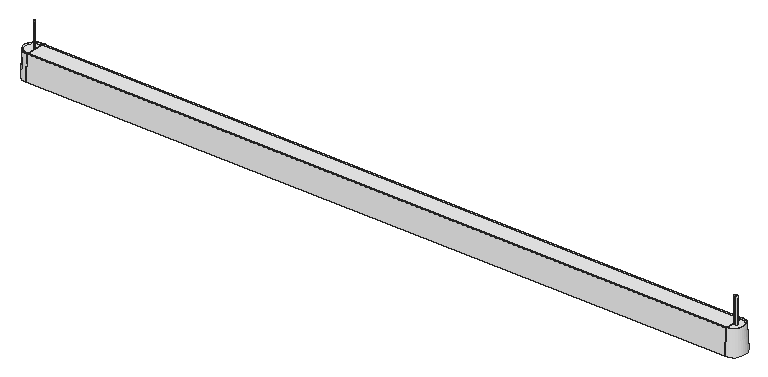
Revit family "Lighting_Pendants_Focus-Lighting_Pelee-Line_2900", category Lighting Fixtures, host Ceiling, Revit 2017
Family settings
  Host = Ceiling
  Round Connector Dimension = Use Diameter
  Part Type = Normal
  OmniClass Number = 23.80.70.11
  OmniClass Title = Luminaries for Internal Lighting
  Always vertical = Yes
  Cut with Voids When Loaded = No
  Light Source = Yes
  Shared = No
  Room Calculation Point = No
Parameters (values of type "Pelee line 2900mm 10000lm, 100% downwards")
  Weight = "Ca 11kg."
  Wattage = 67.321 W
  WarrantyStartDate [instance] = "n/a"
  WarrantyGuarantorParts = "n/a"
  WarrantyGuarantorLabor = "n/a"
  WarrantyDurationUnit = "Years"
  WarrantyDurationParts = "n/a"
  WarrantyDurationLabor = "n/a"
  WarrantyDescription = "n/a"
  built-in parameter 1150110 = 1 (stored number, unit not read)
  VersionDate = "19/06/2019"  # constant formula
  Version = "1"  # constant formula
  UsageCurrent = 0 A
  Uniclass2015Reference = "Pr_70_70_48_86"
  Uniclass2015Description = "Suspended luminaires"
  Uniclass2 = "Pr_70_70_49_86"
  URL = "https://www.focus-lighting.dk/products/pel%C3%A9e-line/pel%C3%A9e-2900/"
  TotalWattage = 140 W  # constant formula
  built-in parameter 1114217 = 1 (stored number, unit not read)
  Tilt Angle = 90.00°
  built-in parameter 1150109 = 1 (stored number, unit not read)
  built-in parameter 1150134 = (empty or 0)
  TagNumber [instance] = "n/a"
  SustainabilityPerformance = "n/a"
  built-in parameter 1150113 = 1 (stored number, unit not read)
  Size = "2900x92x100 mm"
  Shape = "Sculptured"
  SerialNumber [instance] = "n/a"
  Revision = "n/a"
  ReplacementCost = "n/a"
  ProductInformation = "The inner conical circles of the Pelée luminaires contribute to a comfortable, non-glaring spread of light."
  ProductDatasheet = "https://www.focus-lighting.dk/media/244065/pelee_line_eng.pdf"
  Photometric Web File = "Pelée Line 2900 930 15000lm 35-65 Prismatisk.IES"
  PhaseReference = "n/a"
  PhaseAngle = 0.00°
  NumberOfSources = 0
  NumberOfPoles = 1
  built-in parameter 1150142 = "IESNA:LM-63-2002\r\n[TEST] VFR-181116-0241-MS\r\n[TESTLAB] Focus Lighting/PhotoFiler/2013.12.0.2/EULumdat 1\r\n[TESTDATE] 29 Jan 2019\r\n[ISSUEDATE] 29 Jan 2019\r\n[MANUFAC] Focus Lighting/PhotoFiler/2013.12.0.2/EULumdat 1\r\n[LUMCAT] Pelée Line 2900 930 15000lm 35-65 Prismatisk\r\n[LUMINAIRE] Pelée Line 2900 930 15000lm 35-65 Prismatisk\r\n[FLASHAREA] 0.048771\r\n[LAMPCAT] LED\r\n[LAMP] LED\r\nTILT=NONE\r\n1 15000.00 1.0 181 10 1 2 0.070 2.880 0.000\r\n1.00 1.00 128.00\r\n0.00 1.00 2.00 3.00 4.00 5.00 6.00 7.00 8.00 9.00 10.00 \r\n11.00 12.00 13.00 14.00 15.00 16.00 17.00 18.00 19.00 \r\n20.00 21.00 22.00 23.00 24.00 25.00 26.00 27.00 28.00 \r\n29.00 30.00 31.00 32.00 33.00 34.00 35.00 36.00 37.00 \r\n38.00 39.00 40.00 41.00 42.00 43.00 44.00 45.00 46.00 \r\n47.00 48.00 49.00 50.00 51.00 52.00 53.00 54.00 55.00 \r\n56.00 57.00 58.00 59.00 60.00 61.00 62.00 63.00 64.00 \r\n65.00 66.00 67.00 68.00 69.00 70.00 71.00 72.00 73.00 \r\n74.00 75.00 76.00 77.00 78.00 79.00 80.00 81.00 82.00 \r\n83.00 84.00 85.00 86.00 87.00 88.00 89.00 90.00 91.00 \r\n92.00 93.00 94.00 95.00 96.00 97.00 98.00 99.00 100.00 \r\n101.00 102.00 103.00 104.00 105.00 106.00 107.00 108.00 \r\n109.00 110.00 111.00 112.00 113.00 114.00 115.00 116.00 \r\n117.00 118.00 119.00 120.00 121.00 122.00 123.00 124.00 \r\n125.00 126.00 127.00 128.00 129.00 130.00 131.00 132.00 \r\n133.00 134.00 135.00 136.00 137.00 138.00 139.00 140.00 \r\n141.00 142.00 143.00 144.00 145.00 146.00 147.00 148.00 \r\n149.00 150.00 151.00 152.00 153.00 154.00 155.00 156.00 \r\n157.00 158.00 159.00 160.00 161.00 162.00 163.00 164.00 \r\n165.00 166.00 167.00 168.00 169.00 170.00 171.00 172.00 \r\n173.00 174.00 175.00 176.00 177.00 178.00 179.00 180.00 \r\n0.00 10.00 20.00 30.00 40.00 50.00 60.00 70.00 80.00 \r\n90.00 \r\n3613.05 3612.75 3612.75 3608.85 3601.80 3594.75 3587.70 \r\n3580.65 3569.40 3555.90 3542.40 3528.90 3515.40 3494.85 \r\n3472.50 3450.00 3427.65 3405.30 3375.15 3344.55 3313.80 \r\n3283.05 3252.15 3212.70 3173.25 3133.80 3094.35 3053.85 \r\n3007.35 2961.00 2914.50 2868.00 2818.95 2762.55 2706.15 \r\n2649.90 2593.50 2530.50 2456.85 2383.35 2309.85 2236.20 \r\n2146.20 2040.30 1934.40 1828.50 1722.60 1623.30 1527.75 \r\n1432.35 1336.92 1241.47 1172.95 1113.78 1054.62 995.44 \r\n936.27 887.53 840.44 793.35 746.25 699.15 665.07 631.29 \r\n597.51 563.75 531.03 508.00 484.98 461.95 438.95 416.69 \r\n397.17 377.65 358.14 338.63 318.51 297.18 275.86 254.55 \r\n233.23 210.16 185.03 159.89 134.75 109.61 85.54 62.26 \r\n41.74 38.52 35.29 32.07 28.84 28.64 42.19 55.74 69.28 \r\n82.83 97.82 118.54 139.25 159.97 180.69 201.84 224.53 \r\n247.22 269.91 292.59 315.38 338.49 361.61 384.74 407.85 \r\n431.30 455.73 480.17 504.59 529.02 553.27 577.08 600.88 \r\n624.70 648.51 672.33 696.15 719.99 743.82 767.64 790.86 \r\n812.73 834.60 856.47 878.34 900.28 922.37 944.45 966.53 \r\n988.62 1009.97 1029.93 1049.88 1069.84 1089.80 1110.07 \r\n1130.88 1151.68 1172.49 1193.31 1213.56 1232.92 1252.29 \r\n1271.64 1291.00 1308.28 1322.46 1336.63 1350.80 1364.97 \r\n1377.96 1389.33 1400.69 1412.06 1423.41 1434.45 1445.04 \r\n1455.63 1466.23 1476.83 1486.69 1495.68 1504.65 1513.65 \r\n1522.65 1528.05 1529.10 1530.30 1531.50 1532.70 1533.30 \r\n1533.30 1538.25 \r\n3613.05 3612.90 3612.90 3608.85 3601.80 3594.60 3587.55 \r\n3580.50 3568.65 3554.55 3540.30 3526.20 3512.10 3491.55 \r\n3469.50 3447.30 3425.25 3403.20 3372.45 3340.80 3309.30 \r\n3277.65 3245.85 3206.40 3166.95 3127.50 3088.05 3047.40 \r\n3000.90 2954.40 2907.75 2861.25 2812.35 2756.85 2701.35 \r\n2645.85 2590.50 2527.80 2453.55 2379.30 2305.05 2230.95 \r\n2140.95 2035.80 1930.65 1825.65 1720.50 1622.10 1527.90 \r\n1433.57 1339.31 1245.03 1174.92 1113.18 1051.45 989.73 \r\n927.99 879.12 832.27 785.43 738.57 691.73 659.41 627.36 \r\n595.32 563.28 532.42 512.44 492.47 472.48 452.50 432.24 \r\n410.95 389.67 368.40 347.11 325.04 301.33 277.63 253.93 \r\n230.24 204.26 175.52 146.79 118.05 89.32 73.05 65.92 \r\n58.80 51.68 44.56 37.44 30.31 27.11 41.67 56.24 70.81 \r\n85.38 101.00 120.78 140.56 160.34 180.12 200.63 223.62 \r\n246.63 269.63 292.63 315.57 338.35 361.13 383.91 406.68 \r\n429.81 453.90 477.99 502.09 526.19 550.14 573.72 597.30 \r\n620.88 644.46 667.89 691.00 714.13 737.25 760.37 783.30 \r\n805.89 828.47 851.04 873.62 896.08 918.36 940.63 962.91 \r\n985.19 1006.81 1027.25 1047.69 1068.12 1088.57 1108.69 \r\n1128.33 1147.95 1167.59 1187.21 1206.76 1226.22 1245.67 \r\n1265.13 1284.59 1302.40 1317.75 1333.10 1348.44 1363.78 \r\n1377.81 1390.02 1402.23 1414.42 1426.63 1437.69 1447.28 \r\n1456.86 1466.43 1476.01 1484.78 1492.52 1500.30 1507.95 \r\n1515.75 1521.45 1524.60 1527.90 1531.20 1534.50 1536.15 \r\n1536.15 1538.25 \r\n3613.05 3613.95 3613.95 3610.20 3603.30 3596.40 3589.50 \r\n3582.60 3570.30 3555.45 3540.60 3525.75 3510.90 3489.75 \r\n3467.10 3444.45 3421.80 3399.15 3367.80 3335.70 3303.60 \r\n3271.50 3239.25 3199.35 3159.60 3119.85 3080.10 3039.00 \r\n2990.85 2942.70 2894.70 2846.55 2796.15 2739.60 2683.20 \r\n2626.65 2570.25 2507.85 2436.15 2364.45 2292.60 2220.90 \r\n2133.30 2030.40 1927.50 1824.60 1721.55 1622.70 1526.10 \r\n1429.59 1333.05 1236.51 1165.25 1102.56 1039.86 977.16 \r\n914.48 868.11 824.41 780.72 737.02 693.31 660.39 627.72 \r\n595.05 562.38 530.49 505.69 480.90 456.09 431.30 406.65 \r\n382.57 358.49 334.39 310.31 285.30 258.48 231.68 204.85 \r\n178.03 151.95 126.72 101.49 76.26 51.04 38.21 34.84 31.46 \r\n28.09 24.71 21.34 20.14 31.07 45.47 59.86 74.25 88.65 \r\n104.03 123.33 142.62 161.93 181.22 201.24 223.84 246.47 \r\n269.07 291.69 314.46 337.78 361.11 384.44 407.75 431.00 \r\n454.00 477.01 500.03 523.03 546.23 569.85 593.47 617.10 \r\n640.73 664.19 687.29 710.37 733.47 756.57 779.52 802.18 \r\n824.83 847.50 870.15 892.58 914.50 936.44 958.37 980.29 \r\n1001.75 1022.28 1042.82 1063.37 1083.90 1104.15 1123.92 \r\n1143.69 1163.44 1183.21 1202.46 1220.91 1239.35 1257.79 \r\n1276.24 1293.72 1309.77 1325.82 1341.88 1357.93 1372.41 \r\n1384.65 1396.88 1409.12 1421.36 1432.53 1442.33 1452.11 \r\n1461.90 1471.69 1480.89 1489.39 1497.88 1506.45 1514.85 \r\n1521.00 1524.45 1527.90 1531.50 1534.95 1536.75 1536.75 \r\n1538.25 \r\n3613.05 3612.30 3612.30 3608.40 3601.35 3594.30 3587.25 \r\n3580.20 3567.45 3552.15 3536.85 3521.55 3506.25 3484.20 \r\n3460.35 3436.50 3412.80 3388.95 3357.30 3324.90 3292.50 \r\n3260.10 3227.40 3186.30 3145.20 3104.10 3063.00 3020.70 \r\n2972.25 2923.80 2875.20 2826.75 2775.90 2718.90 2661.75 \r\n2604.75 2547.75 2485.20 2414.25 2343.30 2272.50 2201.55 \r\n2115.60 2014.95 1914.45 1813.80 1713.30 1615.80 1520.25 \r\n1424.65 1329.09 1233.53 1161.90 1098.57 1035.22 971.90 \r\n908.56 861.66 817.33 773.01 728.69 684.36 649.45 614.73 \r\n580.00 545.28 511.19 482.98 454.78 426.58 398.38 370.71 \r\n344.91 319.11 293.32 267.53 241.08 213.33 185.59 157.84 \r\n130.10 106.94 89.25 71.57 53.89 36.21 28.16 27.19 26.21 \r\n25.24 24.26 23.29 22.31 24.29 39.27 54.25 69.23 84.21 \r\n100.03 119.18 138.34 157.49 176.64 196.40 218.30 240.20 \r\n262.08 283.98 306.30 329.94 353.60 377.25 400.89 424.29 \r\n446.99 469.69 492.39 515.09 538.11 562.05 585.97 609.90 \r\n633.84 657.40 680.12 702.81 725.52 748.23 770.89 793.49 \r\n816.06 838.65 861.23 883.58 905.43 927.30 949.17 971.02 \r\n992.64 1013.77 1034.93 1056.08 1077.21 1097.85 1117.61 \r\n1137.34 1157.10 1176.86 1195.74 1213.24 1230.75 1248.25 \r\n1265.76 1283.07 1300.11 1317.15 1334.19 1351.23 1366.66 \r\n1379.88 1393.10 1406.31 1419.53 1431.36 1441.41 1451.46 \r\n1461.51 1471.56 1480.73 1488.81 1496.89 1504.95 1513.05 \r\n1519.20 1523.40 1527.45 1531.50 1535.55 1537.65 1537.65 \r\n1538.25 \r\n3613.05 3613.20 3613.20 3609.15 3601.95 3594.60 3587.40 \r\n3580.05 3567.00 3551.10 3535.35 3519.45 3503.55 3480.60 \r\n3455.70 3430.80 3406.05 3381.15 3348.30 3314.70 3281.10 \r\n3247.50 3213.75 3171.15 3128.70 3086.25 3043.80 3000.15 \r\n2950.50 2900.85 2851.20 2801.55 2749.95 2693.40 2636.70 \r\n2580.00 2523.30 2461.50 2391.15 2320.80 2250.60 2180.25 \r\n2094.75 1994.40 1894.05 1793.55 1693.20 1596.90 1502.85 \r\n1408.77 1314.71 1220.65 1147.10 1080.64 1014.19 947.73 \r\n881.28 830.64 782.58 734.52 686.46 638.41 603.45 568.81 \r\n534.16 499.52 465.54 437.64 409.74 381.84 353.94 326.37 \r\n299.97 273.55 247.14 220.74 194.99 170.53 146.08 121.62 \r\n97.17 78.45 66.59 54.72 42.86 31.00 24.97 23.38 21.79 \r\n20.20 18.61 17.01 16.55 27.02 40.72 54.42 68.12 81.82 \r\n96.59 115.55 134.51 153.47 172.44 191.96 213.47 234.96 \r\n256.46 277.95 299.69 322.17 344.64 367.13 389.61 412.55 \r\n436.75 460.98 485.19 509.41 533.19 555.81 578.45 601.06 \r\n623.69 646.40 669.33 692.25 715.19 738.12 760.90 783.42 \r\n805.92 828.42 850.92 873.30 895.41 917.50 939.62 961.72 \r\n983.46 1004.50 1025.55 1046.60 1067.64 1088.34 1108.49 \r\n1128.63 1148.77 1168.92 1188.42 1206.90 1225.37 1243.83 \r\n1262.30 1279.83 1295.97 1312.10 1328.24 1344.36 1359.54 \r\n1373.43 1387.30 1401.18 1415.06 1427.48 1437.99 1448.49 \r\n1459.00 1469.50 1479.13 1487.68 1496.25 1504.80 1513.35 \r\n1519.95 1524.60 1529.10 1533.60 1538.25 1540.50 1540.50 \r\n1538.25 \r\n3613.05 3613.65 3613.65 3609.00 3600.75 3592.50 3584.25 \r\n3576.00 3562.20 3545.70 3529.20 3512.85 3496.35 3472.80 \r\n3447.30 3421.80 3396.30 3370.80 3336.15 3300.75 3265.35 \r\n3229.95 3194.40 3151.50 3108.75 3066.00 3023.25 2979.30 \r\n2928.60 2878.05 2827.35 2776.80 2724.45 2667.45 2610.45 \r\n2553.60 2496.60 2434.05 2362.80 2291.70 2220.45 2149.20 \r\n2061.45 1957.65 1854.00 1750.20 1646.40 1549.50 1456.83 \r\n1364.14 1271.46 1178.77 1107.75 1044.24 980.73 917.22 \r\n853.69 802.39 753.01 703.62 654.24 604.86 568.56 532.44 \r\n496.33 460.22 425.00 397.81 370.63 343.47 316.29 289.45 \r\n263.87 238.28 212.70 187.11 162.81 141.08 119.34 97.61 \r\n75.87 60.36 52.31 44.27 36.22 28.17 24.28 23.45 22.62 \r\n21.79 20.95 20.12 19.29 21.15 34.90 48.65 62.40 76.15 \r\n90.90 109.62 128.35 147.07 165.80 185.07 206.24 227.41 \r\n248.59 269.76 291.24 313.65 336.06 358.49 380.89 403.35 \r\n425.91 448.47 471.03 493.58 516.71 541.32 565.95 590.58 \r\n615.19 639.07 661.20 683.31 705.42 727.53 749.72 772.06 \r\n794.41 816.76 839.12 861.46 883.83 906.18 928.54 950.89 \r\n973.01 994.65 1016.29 1037.94 1059.59 1080.69 1100.89 \r\n1121.09 1141.27 1161.48 1181.00 1199.40 1217.82 1236.24 \r\n1254.66 1272.39 1289.08 1305.78 1322.48 1339.17 1354.79 \r\n1368.91 1383.05 1397.17 1411.31 1424.20 1435.56 1446.90 \r\n1458.24 1469.58 1479.45 1487.53 1495.62 1503.75 1511.85 \r\n1518.15 1522.80 1527.30 1531.80 1536.45 1538.70 1538.70 \r\n1538.25 \r\n3613.05 3611.85 3611.85 3607.05 3598.35 3589.80 3581.10 \r\n3572.55 3558.30 3541.35 3524.40 3507.45 3490.65 3465.45 \r\n3438.30 3411.15 3383.85 3356.70 3321.75 3286.05 3250.35 \r\n3214.80 3178.80 3134.55 3090.15 3045.90 3001.65 2956.35 \r\n2905.65 2854.80 2803.95 2753.10 2700.45 2642.55 2584.80 \r\n2526.90 2469.00 2404.95 2331.30 2257.50 2183.70 2110.05 \r\n2019.75 1913.25 1806.90 1700.55 1594.05 1497.76 1407.33 \r\n1316.89 1226.47 1136.04 1067.76 1007.01 946.25 885.48 \r\n824.73 774.94 726.96 678.99 631.00 583.02 546.10 509.44 \r\n472.80 436.14 400.31 371.89 343.49 315.06 286.65 259.20 \r\n235.19 211.16 187.13 163.11 141.08 122.98 104.88 86.79 \r\n68.69 55.44 48.12 40.80 33.48 26.16 22.26 20.96 19.66 \r\n18.36 17.06 15.76 16.05 22.69 35.61 48.53 61.45 74.38 \r\n88.36 106.58 124.79 143.00 161.20 179.95 200.63 221.30 \r\n241.98 262.65 283.63 305.60 327.56 349.51 371.49 393.63 \r\n416.28 438.93 461.58 484.25 507.04 530.26 553.47 576.67 \r\n599.89 623.22 646.84 670.47 694.10 717.72 740.76 762.54 \r\n784.30 806.07 827.85 849.88 872.49 895.08 917.69 940.28 \r\n962.58 984.30 1006.04 1027.77 1049.50 1070.76 1091.20 \r\n1111.65 1132.11 1152.56 1172.49 1191.63 1210.77 1229.91 \r\n1249.05 1267.21 1283.91 1300.61 1317.30 1334.00 1349.64 \r\n1363.80 1377.94 1392.11 1406.27 1419.31 1430.97 1442.61 \r\n1454.25 1465.90 1475.94 1484.04 1492.14 1500.30 1508.40 \r\n1515.30 1520.85 1526.40 1531.95 1537.50 1540.35 1540.35 \r\n1538.25 \r\n3613.05 3612.75 3612.75 3607.65 3598.50 3589.35 3580.20 \r\n3570.90 3555.90 3538.20 3520.35 3502.65 3484.80 3459.45 \r\n3432.00 3404.70 3377.40 3349.95 3313.65 3276.30 3239.10 \r\n3201.75 3164.25 3119.10 3074.10 3029.10 2984.10 2938.05 \r\n2887.20 2836.35 2785.50 2734.50 2681.40 2622.60 2563.65 \r\n2504.70 2445.75 2379.60 2302.50 2225.25 2148.15 2070.90 \r\n1980.00 1875.30 1770.60 1666.05 1561.35 1466.25 1376.97 \r\n1287.67 1198.39 1109.10 1039.22 976.06 912.91 849.77 \r\n786.62 736.68 688.83 640.98 593.13 545.28 510.64 476.19 \r\n441.74 407.28 373.59 346.83 320.07 293.32 266.56 240.45 \r\n216.72 193.01 169.28 145.56 124.46 108.61 92.76 76.92 \r\n61.07 49.72 43.77 37.82 31.87 25.92 22.85 21.90 20.95 \r\n19.99 19.04 18.09 17.14 18.73 31.19 43.65 56.11 68.57 \r\n82.16 100.24 118.32 136.40 154.48 173.10 193.68 214.26 \r\n234.84 255.42 276.27 297.97 319.68 341.38 363.09 385.09 \r\n407.94 430.79 453.63 476.48 499.38 522.39 545.38 568.39 \r\n591.40 614.64 638.37 662.12 685.86 709.61 732.76 754.63 \r\n776.52 798.39 820.26 842.38 865.05 887.70 910.37 933.01 \r\n955.30 976.89 998.46 1020.04 1041.63 1062.93 1083.77 \r\n1104.59 1125.42 1146.26 1166.41 1185.52 1204.63 1223.74 \r\n1242.87 1261.29 1278.66 1296.05 1313.42 1330.80 1347.08 \r\n1361.76 1376.45 1391.14 1405.83 1419.19 1430.82 1442.46 \r\n1454.08 1465.73 1475.63 1483.49 1491.33 1499.17 1507.05 \r\n1513.80 1519.50 1525.05 1530.75 1536.45 1539.30 1539.30 \r\n1538.25 \r\n3613.05 3613.65 3613.65 3608.70 3599.85 3591.00 3582.15 \r\n3573.30 3557.85 3539.10 3520.50 3501.75 3483.15 3457.20 \r\n3429.30 3401.40 3373.50 3345.60 3309.00 3271.80 3234.45 \r\n3197.25 3159.60 3114.15 3068.70 3023.25 2977.95 2931.45 \r\n2879.10 2826.75 2774.55 2722.20 2667.75 2607.60 2547.45 \r\n2487.30 2427.30 2360.25 2282.40 2204.55 2126.70 2049.00 \r\n1958.85 1856.85 1755.00 1653.00 1551.15 1454.52 1361.13 \r\n1267.74 1174.35 1080.96 1010.31 947.56 884.82 822.08 \r\n759.33 710.73 664.45 618.16 571.89 525.62 491.61 457.89 \r\n424.19 390.46 357.53 331.65 305.76 279.88 254.00 228.76 \r\n205.89 183.02 160.13 137.25 117.23 102.73 88.23 73.73 \r\n59.23 48.62 42.69 36.76 30.83 24.90 20.66 17.71 14.76 \r\n11.81 8.86 7.64 13.02 23.92 34.82 45.72 56.63 67.53 79.84 \r\n97.75 115.66 133.56 151.47 169.95 190.47 210.99 231.51 \r\n252.01 272.79 294.33 315.88 337.44 358.98 380.85 403.68 \r\n426.51 449.34 472.16 495.06 518.14 541.23 564.33 587.41 \r\n610.39 633.09 655.80 678.51 701.21 724.13 747.52 770.91 \r\n794.30 817.69 840.63 862.62 884.61 906.62 928.60 950.58 \r\n972.52 994.45 1016.40 1038.35 1059.98 1081.07 1102.14 \r\n1123.23 1144.31 1164.71 1184.00 1203.27 1222.56 1241.85 \r\n1260.27 1277.43 1294.58 1311.72 1328.87 1345.02 1359.78 \r\n1374.54 1389.30 1404.06 1417.57 1429.53 1441.47 1453.41 \r\n1465.35 1475.43 1483.29 1491.16 1499.03 1506.90 1513.65 \r\n1519.05 1524.45 1529.85 1535.25 1538.10 1538.10 1538.25 \r\n3613.05 3613.35 3613.35 3608.10 3598.65 3589.35 3580.05 \r\n3570.75 3555.60 3537.90 3520.05 3502.35 3484.50 3458.40 \r\n3430.05 3401.70 3373.35 3345.15 3308.25 3270.60 3232.95 \r\n3195.30 3157.35 3111.75 3066.15 3020.55 2974.95 2928.30 \r\n2875.65 2823.00 2770.20 2717.55 2662.65 2601.75 2540.85 \r\n2479.95 2419.05 2351.40 2273.40 2195.55 2117.55 2039.70 \r\n1949.55 1847.70 1745.85 1643.85 1542.00 1445.04 1351.14 \r\n1257.22 1163.33 1069.42 998.68 935.99 873.28 810.59 \r\n747.88 700.85 656.26 611.69 567.12 522.54 489.30 456.21 \r\n423.13 390.05 357.67 331.74 305.81 279.88 253.95 228.59 \r\n205.30 182.03 158.73 135.45 115.13 100.71 86.30 71.89 \r\n57.48 47.16 41.75 36.34 30.93 25.52 21.59 18.75 15.92 \r\n13.08 10.25 8.88 11.58 15.97 28.02 40.08 52.13 64.19 \r\n77.38 95.08 112.79 130.49 148.20 166.50 186.87 207.25 \r\n227.63 248.00 268.75 290.67 312.58 334.50 356.41 378.60 \r\n401.50 424.43 447.35 470.26 493.18 516.15 539.10 562.05 \r\n585.01 607.90 630.68 653.43 676.20 698.96 721.83 744.93 \r\n768.03 791.14 814.25 836.91 858.69 880.47 902.24 924.01 \r\n946.14 968.90 991.65 1014.42 1037.17 1059.16 1079.84 \r\n1100.52 1121.19 1141.86 1161.98 1181.18 1200.39 1219.59 \r\n1238.79 1257.66 1276.02 1294.38 1312.74 1331.09 1347.81 \r\n1362.32 1376.81 1391.30 1405.78 1419.09 1430.84 1442.58 \r\n1454.31 1466.05 1476.13 1484.23 1492.34 1500.45 1508.55 \r\n1515.45 1521.00 1526.55 1532.10 1537.65 1540.50 1540.50 \r\n1538.25 \r\n"
  NominalWidth = 2900 mm
  NominalVoltageCalc = 230 V
  NominalVoltage = 230 V
  NominalHeight = 100 mm
  NominalFrequencyRange = 50 Hz
  NominalDepth = 92 mm
  NominalCurrent = 0 A
  Name = "Pelee-Line_2900"
  NBSReference = "90-60-50/405"
  NBSDescription = "General purpose luminaires"
  ModelReference = ArticleNumber  # "5823-"
  ModelNumber = "n/a"
  Model = "Pelee line 2900mm 10000lm, 100% downwards"
  Material = "Cast aluminium & acrylate"
  ManufacturersSpecificInformation = "n/a"
  ManufacturerURL = "http://www.focus-lighting.dk/home/"
  ManufacturerName = "Focus lighting"
  Manufacturer = "Focus lighting"
  MaintenanceFactor = 0
  Lumens = 10000 lm
  built-in parameter 1150115 = 1 (stored number, unit not read)
  built-in parameter 1150105 = 2467.8 (stored number, unit not read)
  LightingProtectionClassification = "Class I"
  LightFixtureTertiaryMaterial = Steel
  LightFixtureSecondaryMaterial = Cable white
  LightFixturePlacingType = "Ceiling"
  LightFixtureMountingType = "Pendant installation"
  LightFixtureMainMaterial [instance] = Die cast aluminum white
  built-in parameter 1150137 = (empty or 0)
  built-in parameter 1150139 = (empty or 0)
  LensMaterial = Microprismatic acrylate
  built-in parameter 1150112 = 1 (stored number, unit not read)
  built-in parameter 1150114 = 1 (stored number, unit not read)
  LED lifetime = "Min 50.000 timer, L80B10"
  InsulationStandardClass = "n/a"
  InstallationDate [instance] = "n/a"
  built-in parameter 1150132 = 2
  built-in parameter 1150102 = (empty or 0)
  built-in parameter 1150138 = (empty or 0)
  built-in parameter 1150107 = 2700 (stored number, unit not read)
  built-in parameter 1150106 = 24.678 (stored number, unit not read)
  IfcExportType = "NOTDEFINED"  # constant formula
  IfcExportAs = "IfcLightFixtureType"  # constant formula
  IP_Code = "IP 20"
  HasProtectiveEarth = yes
  Grade = "n/a"
  Finish = "Body: cast aluminium powder coated white RAL 9010, silver grey MW300D, black Noir 900, corten brown YX355F; Downward shade: microprismatic acrylate; Upward shade: opalised acrylate."
  Features = "Lead 3m white PKLJ; Suspension 2x2 m steel wire, 1.2mm; Colour temperature 2700, 3000, or 4000 Kelvin."
  ExpectedLife = "50.000"
  Emit from Rectangle Width = 50 mm
  Emit from Rectangle Length = NominalWidth - 80 mm  # 2820 mm
  Emit Shape Visible in Rendering = no
  ElectricalDeviceNominalPower = 0
  built-in parameter 1150104 = 13.8 (stored number, unit not read)
  DurationUnit = "Hours"
  Driver = "Dali control"
  Dimming Lamp Color Temperature Shift = <None>
  Description = "The inner conical circles of the Pelée luminaires contribute to a comfortable, non-glaring spread of light. The family comprises luminaires to be recessed, surface-mounted, or suspended. Pelée Line is available in various lengths up to six metres. The light is directed down and upwards - see the distribution in the specification below."
  DefaultElevation = 0 mm
  ConvergoRefNr = "0154-1901-0003-DK"
  Constituents = "n/a"
  ColorTolerance = "3 steps SDCM"
  ColorRenderingIndex = "Min 90 Ra"
  Color Filter = 16777215
  Color = "Various"
  Collection = "Pelee Line"
  CodePerformance = "n/a"
  Category = "Indoor"
  CableLengthControl [instance] = if(CableLength < 100 mm, 100 mm, if(CableLength > 2000 mm, 2000 mm, CableLength))  # 100 mm
  CableLength [instance] = 100 mm
  Brand = "Focus lighting"
  Barcode [instance] = "n/a"
  built-in parameter 1114218 = 1 (stored number, unit not read)
  BIMObjectName = "Lighting_Pendants_Focus-Lighting_Pelee-Line_2900"
  Author = "Convergo AB"  # constant formula
  built-in parameter 1150133 = 10 (stored number, unit not read)
  AssetType = "Fixed"
  AssetIdentifier [instance] = "n/a"
  ArticleNumber = "5823-"
  AccessibilityPerformance = "n/a"
Reference planes
  plane 1 "Light Source Axis (F/B)": y = 0
  plane 2: z = 0
  plane 3 "Light Source Axis (L/R)": x = 0
  plane 4 "Ceiling": z = 4000
  plane 5 "Light Source Elevation": z = 3800
  plane 6: x = -1450
  plane 7: y = 46
  plane 8: x = 1450
  plane 9: y = -46
  plane 10: z = 3800
  plane 11: z = 3900
Dimensions and locks
  equal spacing: host sketch curve, plane 3 "Light Source Axis (L/R)", host sketch curve
  equal spacing: host sketch curve, plane 1 "Light Source Axis (F/B)", host sketch curve
  host sketch curve to host sketch curve = 4000 mm  (x2)
  locked: plane 4 "Ceiling" to host ceiling at 0
  equal spacing: plane 7, plane 1 "Light Source Axis (F/B)", plane 9
  "NominalDepth": plane 7 to plane 9
  equal spacing: plane 6, plane 3 "Light Source Axis (L/R)", plane 8
  "NominalWidth": plane 6 to plane 8
  plane 2 to plane 4 "Ceiling" = 4000 mm
  "NominalHeight": plane 10 to plane 11
  "CableLengthControl": plane 11 to plane 4 "Ceiling"
  aligned and locked: plane 5 "Light Source Elevation" to imposter light
  aligned and locked: plane 1 "Light Source Axis (F/B)" to nested 1
  aligned and locked: plane 5 "Light Source Elevation" to plane 10
  aligned and locked: nested 1 to plane 10
Nested families
  nested 1: "Pelee" at (0, 0, 3800), CableLength <- "CableLengthControl", Body <- "LightFixtureMainMaterial", Lens <- "LensMaterial", PowerCable <- "LightFixtureSecondaryMaterial", MetalCable <- "LightFixtureTertiaryMaterial", ControlWidth <- "NominalWidth", type "Pelee"
    with PowerCable Cable white, MetalCable Steel, Lens Microprismatic acrylate, ControlWidth 2900 mm, CableLength 100 mm, Body Die cast aluminum white
Connectors
  electrical at (1416.028, 0, 4000), driven by "NominalVoltage"
    settings: on nested 1, index 1, voltage 230 V, apparent load 0 VA, apparent load phase1 0 VA, apparent load phase2 0 VA, apparent load phase3 0 VA, power factor 1, load classification "Other", number of poles 1, system type 31, power factor state 1, is connector primary yes, connector utility no, sub classification motor no, connector description ""
Definition of nested family "Pelee"
  Parameters (values of type "Pelee")
    MetalCable [instance] = none
    Lens [instance] = none
    ControlWidth [instance] = 1800 mm
    CableLength [instance] = 200 mm
    PowerCable [instance] = none
    Body [instance] = none
  Reference planes
    plane 1 "Center (Front/Back)": y = 0
    plane 2: z = 0
    plane 3 "Center (Left/Right)": x = 0
    plane 4: x = -900
    plane 5: x = 900
    plane 6: y = 46
    plane 7: y = -46
    plane 8: z = 100
  Forms (mm)
    Extrusion 1, solid, material <- "Body", detail levels medium+fine
      sketch origin (0, 0, 0) x (0, 1, 0) y (0, 0, 1)
        loop
          arc (45.296, 0) -> (45.477, 50.11) -> (40.782, 100) r 514.598
          line (40.782, 100) -> (39, 100) -> (36.934, 97.934) -> (-36.934, 97.934) -> (-39, 100) -> (-40.782, 100)
          arc (-40.782, 100) -> (-45.477, 50.11) -> (-45.296, 0) r 514.598
          line (-45.296, 0) -> (-43.995, 0) -> (-43.4, 2.801) -> (-41.865, 2.966) -> (-41.262, 5.801) -> (-39.727, 5.966) -> (-39.125, 8.801) -> (-37.59, 8.966) -> (-36.987, 11.801) -> (-35.452, 11.966) -> (-34.849, 14.801) -> (-33.314, 14.966) -> (-32.738, 17.676) -> (-37.453, 17.676)
          arc (-37.453, 17.676) -> (-39.119, 19.342) -> (-37.453, 21.008) r 1.666
          line (-37.453, 21.008) -> (-42.498, 23.137)
          arc (-42.498, 23.137) -> (-41.28, 55.057) -> (-38.043, 86.835) r 504.288
          line (-38.043, 86.835) -> (38.043, 86.835)
          arc (38.043, 86.835) -> (41.28, 55.057) -> (42.498, 23.137) r 504.288
          line (42.498, 23.137) -> (37.453, 21.008)
          arc (37.453, 21.008) -> (39.119, 19.342) -> (37.453, 17.676) r 1.666
          line (37.453, 17.676) -> (32.738, 17.676) -> (33.314, 14.966) -> (34.849, 14.801) -> (35.452, 11.966) -> (36.987, 11.801) -> (37.59, 8.966) -> (39.125, 8.801) -> (39.727, 5.966) -> (41.262, 5.801) -> (41.865, 2.966) -> (43.4, 2.801) -> (43.995, 0) -> (45.296, 0)
      from -854 to 854
    Revolve 2, solid, material <- "Body", detail levels medium+fine
      sketch origin (854, 0, 0) x (0, 1, 0) y (0, 0, 1)
        loop
          arc (45.296, 0) -> (45.477, 50.11) -> (40.782, 100) r 514.598
          line (40.782, 100) -> (39, 100) -> (36.934, 97.934) -> (0, 97.934) -> (0, 86.835) -> (38.043, 86.835)
          arc (38.043, 86.835) -> (41.28, 55.057) -> (42.498, 23.137) r 504.288
          line (42.498, 23.137) -> (37.453, 21.008)
          arc (37.453, 21.008) -> (39.119, 19.342) -> (37.453, 17.676) r 1.666
          line (37.453, 17.676) -> (32.738, 17.676) -> (33.314, 14.966) -> (34.849, 14.801) -> (35.452, 11.966) -> (36.987, 11.801) -> (37.59, 8.966) -> (39.125, 8.801) -> (39.727, 5.966) -> (41.262, 5.801) -> (41.865, 2.966) -> (43.4, 2.801) -> (43.995, 0) -> (45.296, 0)
        axis (0, 100) -> (0, 0)
      angle from 0 to -180
    Revolve 3, solid, material <- "Body", detail levels medium+fine
      sketch origin (-854, 0, 0) x (0, 1, 0) y (0, 0, 1)
        loop
          line (-45.296, 0) -> (-43.995, 0) -> (-43.4, 2.801) -> (-41.865, 2.966) -> (-41.262, 5.801) -> (-39.727, 5.966) -> (-39.125, 8.801) -> (-37.59, 8.966) -> (-36.987, 11.801) -> (-35.452, 11.966) -> (-34.849, 14.801) -> (-33.314, 14.966) -> (-32.738, 17.676) -> (-37.453, 17.676)
          arc (-37.453, 17.676) -> (-39.119, 19.342) -> (-37.453, 21.008) r 1.666
          line (-37.453, 21.008) -> (-42.498, 23.137)
          arc (-42.498, 23.137) -> (-41.28, 55.057) -> (-38.043, 86.835) r 504.288
          line (-38.043, 86.835) -> (0, 86.835) -> (0, 97.934) -> (-36.934, 97.934) -> (-39, 100) -> (-40.782, 100)
          arc (-40.782, 100) -> (-45.477, 50.11) -> (-45.296, 0) r 514.598
        axis (0, 100) -> (0, 0)
      angle from 0 to 180
    Extrusion 4, solid, material <- "Lens", detail levels medium+fine
      sketch origin (0, 0, 0) x (1, 0, 0) y (0, 1, 0)
        loop
          line (849.728, 35.738) -> (-850.022, 35.738)
          arc (-850.022, 35.738) -> (-885.76, 0) -> (-850.022, -35.738) r 35.738
          line (-850.022, -35.738) -> (849.728, -35.738)
          arc (849.728, -35.738) -> (885.466, 0) -> (849.728, 35.738) r 35.738
      from 17.999 to 20.5
    Extrusion 5, solid, material <- "MetalCable", detail levels medium+fine
      sketch origin (-733.254, -1524, 100) x (-1, 0, 0) y (0, -1, 0)
        loop
          circle (121.746, -1524) r 2
        loop
          circle (-1588.254, -1524) r 2
      from -2.066 to 200 <- "CableLength"
    Extrusion 6, solid, material <- "PowerCable", detail levels medium+fine
      sketch origin (-733.254, -1524, 100) x (-1, 0, 0) y (0, -1, 0)
        loop
          circle (-1599.282, -1524) r 4
      from -3 to 200 <- "CableLength"
    Extrusion 7, solid, material <- "Body", detail levels coarse
      sketch origin (-733.254, -1524, 100) x (-1, 0, 0) y (0, -1, 0)
        loop
          line (166.746, -1570) -> (166.746, -1478) -> (-1633.254, -1478) -> (-1633.254, -1570) -> (166.746, -1570)
      from -100 to 200 <- "CableLength"
  Lines and regions (mm)
    symbolic lines, detail levels medium+fine
      curve 1: line (0, 45.296, 0) -> (0, -45.296, 0)
      curve 2: line (0, 40.782, 100) -> (0, 4, 100)
      curve 3: arc (0, 45.296, 0) -> (0, 45.477, 50.11) -> (0, 40.782, 100) r 514.598
      curve 4: arc (0, -40.782, 100) -> (0, -45.477, 50.11) -> (0, -45.296, 0) r 514.598
      curve 5: line (0, 4, 300) -> (0, 4, 100)
      curve 6: line (0, 4, 300) -> (0, -4, 300)
      curve 7: line (0, -4, 300) -> (0, -4, 100)
      curve 9: line (0, -4, 100) -> (0, -40.782, 100)
      curve 10: arc (-899.296, 0, 0) -> (-899.477, 0, 50.11) -> (-894.782, 0, 100) r 514.598
      curve 11: line (-894.782, 0, 100) -> (-857, 0, 100)
      curve 12: line (-899.296, 0, 0) -> (897.631, 0, 0)
      curve 13: arc (897.631, 0, 0) -> (897.747, 0, 50.044) -> (894.782, 0, 100) r 812.674
      curve 14: line (-853, 0, 300) -> (-857, 0, 300)
      curve 15: line (857, 0, 300) -> (853, 0, 300)
      curve 16: line (870.028, 0, 300) -> (862.028, 0, 300)
      curve 17: line (-857, 0, 300) -> (-857, 0, 100)
      curve 18: line (-853, 0, 300) -> (-853, 0, 100)
      curve 19: line (853, 0, 300) -> (853, 0, 100)
      curve 20: line (857, 0, 300) -> (857, 0, 100)
      curve 21: line (862.028, 0, 300) -> (862.028, 0, 100)
      curve 22: line (870.028, 0, 300) -> (870.028, 0, 100)
      curve 24: line (857, 0, 100) -> (862.028, 0, 100)
      curve 26: line (870.028, 0, 100) -> (894.782, 0, 100)
      curve 28: line (-853, 0, 100) -> (853, 0, 100)
      curve 29: arc (-854, 45.996, 100) -> (-899.996, 0, 100) -> (-854, -45.996, 100) r 45.996
      curve 30: line (854, 45.996, 100) -> (-854, 45.996, 100)
      curve 31: line (854, -45.996, 100) -> (-854, -45.996, 100)
      curve 32: arc (854, -45.996, 100) -> (899.996, 0, 100) -> (854, 45.996, 100) r 45.996
    symbolic lines, detail levels fine
      curve 8: line (0, 4, 100) -> (0, -4, 100)
      curve 23: line (853, 0, 100) -> (857, 0, 100)
      curve 25: line (862.028, 0, 100) -> (870.028, 0, 100)
      curve 27: line (-857, 0, 100) -> (-853, 0, 100)
      curve 33: arc (-854, 32.738, 100) -> (-886.738, 0, 100) -> (-854, -32.738, 100) r 32.738
      curve 34: line (854, 32.738, 100) -> (-854, 32.738, 100)
      curve 35: line (854, -32.738, 100) -> (-854, -32.738, 100)
      curve 36: arc (854, -32.738, 100) -> (886.738, 0, 100) -> (854, 32.738, 100) r 32.738
  Dimensions and locks
    equal spacing: plane 6, plane 1 "Center (Front/Back)", plane 7
    plane 6 to plane 1 "Center (Front/Back)" = 46 mm
    equal spacing: plane 4, plane 3 "Center (Left/Right)", plane 5
    locked: Extrusion 1 to plane 4 at 46
    locked: plane 5 to Extrusion 1 at 46
    locked: plane 4 to Extrusion 5 sketch curve at 45
    locked: Extrusion 5 sketch curve to plane 5 at 45
    "ControlWidth": plane 4 to plane 5
    aligned and locked: level to plane 2
    aligned and locked: curve 6 to Extrusion 6
    aligned and locked: Extrusion 5 to curve 14
    aligned and locked: curve 15 to Extrusion 5
    aligned and locked: curve 16 to Extrusion 6
    aligned and locked: Extrusion 7 sketch curve to plane 6
    aligned and locked: plane 4 to Extrusion 7 sketch curve
    aligned and locked: Extrusion 7 sketch curve to plane 7
    aligned and locked: Extrusion 7 sketch curve to plane 5
  Automatic sketch dimensions
    curve 4 to level = 0 mm
    curve 9 to plane 8 = 0 mm
    level to curve 3 = 26.904 mm
    curve 3 to plane 7 = 422.598 mm
    plane 7 to curve 1 = 0.704 mm
    plane 1 "Center (Front/Back)" to curve 9 = 40.782 mm
    plane 1 "Center (Front/Back)" to curve 9 = 4 mm
    curve 5 to plane 1 "Center (Front/Back)" = 4 mm
    curve 2 to plane 6 = 5.218 mm
    level to curve 4 = 26.904 mm
    curve 10 to level = 0 mm
    curve 11 to plane 8 = 0 mm
    plane 4 to curve 12 = 0.704 mm
    plane 4 to curve 11 = 5.218 mm
    plane 4 to curve 14 = 43 mm
    curve 11 to curve 18 = 4 mm
    level to curve 10 = 26.904 mm
    level to curve 13 = 26.904 mm
